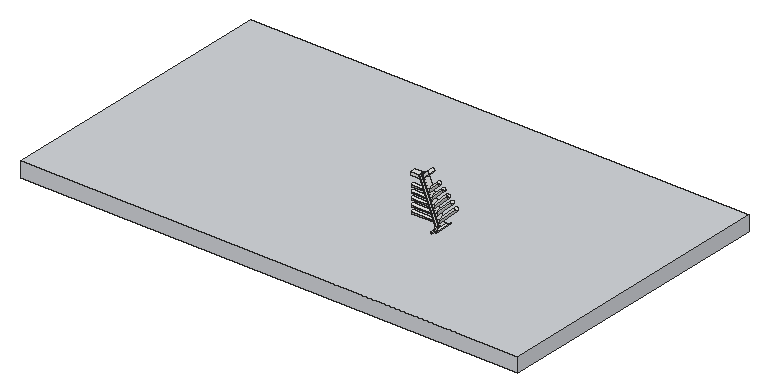
Revit family "Sunshade-Corner-Kawneer-Curtain_Wall-Inside_135", category Specialty Equipment, host Face, Revit 2015
Parameters
  Width of Blades 2 [instance] = 0' - 0"
  Width of Blades 1 [instance] = 0' - 0"
  URL = "http://www.kawneer.com/kawneer/north_america/en/home.asp"
  Type Comments = ""
  Set 1 Inset = 0' - 3"
  Right Fascia Offset = 1' - 3 1/2"
  Product data url = "https://bimobject.com/kawneerna/product/04305"
  Product Page URL = "http://www.kawneer.com/kawneer/north_america/en/product.asp?cat_id=1463&prod_id=4305"
  Product Documentation Link = "http://www.kawneer.com/kawneer/north_america/catalog/pdf/Sun_Control/Versoleil_OutriggerCW_Flyer.pdf"
  Outrigger Type = Outrigger-Kawneer-Angle-Square : 5"
  Model = "Sunshade Inside 135 Degree Corner"  # constant formula
  Manufacturer = "Kawneer "  # constant formula
  Set 2 Inset = 0' - 0 3/4"
  Length = 3' - 0"
  Height of Bottom Fascia = Length  # 3' - 0"
  Height of Blade 1 = 0' - 5"
  Has 6th Blade = no
  Has 5th Blade = yes
  Finish = Aluminum - Kawneer - Clear
  Fascia Type = Fascia-Kawneer-Inside_135_Angle_Cut-Rectangular : Versoleil
  Distance Blade 5 and 6 = 0' - 0"
  Distance Blade 4 and 5 = 0' - 0"
  Distance Blade 3 and 4 = 0' - 0"
  Distance Blade 2 and 3 = 0' - 0"
  Distance Blade 1 and 2 = 0' - 0"
  Description = "Rounded Outrigger, Bullnose Fascias"
  Default Elevation = 4' - 0"
  Copyright © = "©2012 Kawneer  "  # constant formula
  CTRL Width of Blades 2 [instance] = 1' - 0"
  CTRL Width of Blades 1 [instance] = 1' - 0"
  CTRL Outrigger Angle = 112.50°
  CTRL Length of Blade = if(and(Length = 2' 6", CTRL Angle = 135.00°), 3' 6 109/256" - 0' 0 7/8", if(and(Length = 3' 0", CTRL Angle = 135.00°), 4' 2 233/256" - 0' 0 7/8", Length - 0' 2 1/32"))  # 4' - 2 9/256"
  CTRL Fascia Location = 0' - 0"
  CTRL Angle = 135.00°
  Bottom Fascia Offset = 1' - 2"
  Blade Type = Blade-Kawneer-135_Angle_Cut-Circular : Versoleil
  Blade Distance = 0' - 5"
  Blade 6 Location = Distance Blade 1 and 2  # 0' - 0"
  Blade 5 Location = Distance Blade 2 and 3  # 0' - 0"
  Blade 4 Location = Distance Blade 3 and 4  # 0' - 0"
  Blade 3 Location = Distance Blade 4 and 5  # 0' - 0"
  Blade 2 Location = Distance Blade 5 and 6  # 0' - 0"
  Blade 1 Location = Distance Blade 5 and 6  # 0' - 0"
  Angle Offset = 0' - 2"
  Blade Cut Angle = 67.50°
Reference planes (in)
  plane 1 "Center (Front/Back)": y = 0
  plane 2: z = -0.78125
  plane 3 "Center (Left/Right)": x = 4.08897
  plane 4 "Bracket Bottom": z = -0.78125
  plane 5 "Outrigger 2 CTRL Refferance": x = 4.08897
  plane 6 "Back of Right Blades": x = -19.41103
  plane 7 "Blade 1": z = 4.375
  plane 8 "Blade 2": z = 9.375
  plane 9 "Top": z = 35.21875
  plane 10 "Blade 3": z = 14.375
  plane 11 "Blade 4": z = 19.375
  plane 12 "Blade 5": z = 24.375
  plane 13 "Outrigger offset": x = 2.00289
  plane 14 "Left of Right Blade 1": x = 1.08897
  plane 15 "Left of Right Blade 2": x = -0.91103
  plane 16 "Left of Right Blade 3": x = -2.91103
  plane 17 "Left of Right Blade 4": x = -4.91103
  plane 18 "Right of Fascias": x = 3.59664
  plane 19 "Two": x = 5.37789
  plane 20 "Top of Fascia 2": z = 35.21875
  plane 21 "Left of Right Blade 5": x = -6.91103
  plane 22 "Blade 6": z = 29.375
  plane 23 "Left of Right Blade 6": x = -8.91103
  plane 24 "Center Left / Right Blade 1": y = 0
  plane 25 "Center Left / Right Blade 2": y = 0
  plane 26 "Center Left / Right Blade 3": y = 0
  plane 27 "Center Left / Right Blade 4": y = 0
  plane 28 "Center Left / Right Blade 5": y = 0
  plane 29 "Center Left / Right Blade 6": y = 0
  plane 30 "Center Fascia": y = 0
  plane 31 "Right of Outrigger 2": z = 2.125
  plane 32 "Right of Outrigger 1": x = 2.47164
  plane 33 "Right of Fascia": x = -11.41103
  plane 34 "Bottom of Outrigger 2": through (6.45519, -51.46975, 1.5773) normal (0.7071, 0, -0.7071)
  plane 35 "Left of Blade 2": through (75.89442, -51.46975, -69.70679) normal (0.7071, 0, 0.7071)
  plane 36 "Center of Bottom Blade 1": through (-69.91234, -51.46975, -67.71917) normal (0.7071, 0, -0.7071)
  plane 37 "Center of Bottom Blade  2": through (-80.03634, -51.46975, -70.77209) normal (0.7071, 0, -0.7071)
  plane 38 "Center of Bottom Blade  3": through (-83.57187, -51.46975, -67.23656) normal (0.7071, 0, -0.7071)
  plane 39 "Center of Bottom Blade  4": through (-96.99009, -51.46975, -73.58371) normal (0.7071, 0, -0.7071)
  plane 40 "Center of Bottom Blade  6": through (-109.21824, -51.46975, -71.66973) normal (0.7071, 0, -0.7071)
  plane 41 "Center of Bottom Blade 5": through (-114.68271, -51.46975, -84.20526) normal (0.7071, 0, -0.7071)
  plane 42 "Top of Bottom Fascia": through (-145.03271, -51.46975, -98.99891) normal (0.7071, 0, -0.7071)
  plane 43 "Left of Angle Outrigger": through (-15.87502, -51.46975, 50.74193) normal (0.9239, 0, 0.3827)
  plane 44 "Top of  Bottom Blade 1": through (44.40617, -51.46975, -37.15788) normal (0.7071, 0, 0.7071)
  plane 45 "Top of  Bottom Blade  2": through (59.70907, -51.46975, -49.63236) normal (0.7071, 0, 0.7071)
  plane 46 "Top of  Bottom Blade 3": through (64.79203, -51.46975, -51.88689) normal (0.7071, 0, 0.7071)
  plane 47 "Top of  Bottom Blade  4": through (65.98252, -51.46975, -50.24895) normal (0.7071, 0, 0.7071)
  plane 48 "Top of  Bottom Blade 5": through (79.98416, -51.46975, -61.42216) normal (0.7071, 0, 0.7071)
  plane 49 "Top of  Bottom Blade 6": through (92.97925, -51.46975, -71.58882) normal (0.7071, 0, 0.7071)
  plane 50 "Offset Bottom Fascia": through (85.74348, -51.46975, -59.75686) normal (0.7071, 0, 0.7071)
  plane 51 "Back of Blade Bottom  Set 2": through (100.40387, -51.46975, -64.1642) normal (0.7071, 0, 0.7071)
  plane 52 "0": z = -0.625
  plane 53: through (5.90276, -51.46975, 2.12973) normal (0.7071, 0, -0.7071)
  plane 54 "Width of Blade 2": through (100.40387, -51.46975, -64.1642) normal (0.7071, 0, 0.7071)
  plane 55 "Width of Blade 1": x = -19.41103
Forms (in)
  Extrusion 1, solid
    sketch origin (0, 0, -0.78125) x (1, 0, 0) y (0, 1, 0)
      loop
        line (-264.69228, 139) -> (-264.69228, -98.99326) -> (146.76306, -98.99326) -> (146.76306, 139) -> (-264.69228, 139)
    from 0 to -12
Dimensions and locks (in)
  plane 3 "Center (Left/Right)" to plane 19 "Two" = 0' - 1.28892"
  "Length": plane 9 "Top" to plane 2
  "Blade 1 Location": plane 24 "Center Left / Right Blade 1" to plane 1 "Center (Front/Back)"
  "CTRL Fascia Location": plane 30 "Center Fascia" to plane 1 "Center (Front/Back)"
  "Blade 6 Location": plane 29 "Center Left / Right Blade 6" to plane 1 "Center (Front/Back)"
  "Blade 5 Location": plane 28 "Center Left / Right Blade 5" to plane 1 "Center (Front/Back)"
  "Blade 4 Location": plane 27 "Center Left / Right Blade 4" to plane 1 "Center (Front/Back)"
  "Blade 3 Location": plane 26 "Center Left / Right Blade 3" to plane 1 "Center (Front/Back)"
  "Blade 2 Location": plane 25 "Center Left / Right Blade 2" to plane 1 "Center (Front/Back)"
  plane 32 "Right of Outrigger 1" to plane 19 "Two" = 0' - 2 29/32"
  plane 13 "Outrigger offset" to plane 32 "Right of Outrigger 1" = 0' - 0 15/32"
  locked: plane 31 "Right of Outrigger 2" to plane 4 "Bracket Bottom" at 2.90625
  "Blade Distance": plane 8 "Blade 2" to plane 7 "Blade 1"
  "Blade Distance": plane 10 "Blade 3" to plane 8 "Blade 2"
  "Blade Distance": plane 11 "Blade 4" to plane 10 "Blade 3"
  "Blade Distance": plane 12 "Blade 5" to plane 11 "Blade 4"
  "Blade Distance": plane 22 "Blade 6" to plane 12 "Blade 5"
  "Angle Offset": plane 23 "Left of Right Blade 6" to plane 21 "Left of Right Blade 5"
  "Angle Offset": plane 21 "Left of Right Blade 5" to plane 17 "Left of Right Blade 4"
  "Angle Offset": plane 17 "Left of Right Blade 4" to plane 16 "Left of Right Blade 3"
  "Angle Offset": plane 16 "Left of Right Blade 3" to plane 15 "Left of Right Blade 2"
  "Angle Offset": plane 15 "Left of Right Blade 2" to plane 14 "Left of Right Blade 1"
  "Set 1 Inset": plane 14 "Left of Right Blade 1" to plane 3 "Center (Left/Right)"
  "Right Fascia Offset": plane 33 "Right of Fascia" to plane 3 "Center (Left/Right)"
  locked: plane 32 "Right of Outrigger 1" to plane 18 "Right of Fascias" at 1.125
  locked: plane 35 "Left of Blade 2" to plane 19 "Two" at 1.125
  "Blade Distance": plane 36 "Center of Bottom Blade 1" to plane 37 "Center of Bottom Blade  2"
  "Blade Distance": plane 37 "Center of Bottom Blade  2" to plane 38 "Center of Bottom Blade  3"
  "Blade Distance": plane 38 "Center of Bottom Blade  3" to plane 39 "Center of Bottom Blade  4"
  "Blade Distance": plane 39 "Center of Bottom Blade  4" to plane 41 "Center of Bottom Blade 5"
  "Blade Distance": plane 41 "Center of Bottom Blade 5" to plane 40 "Center of Bottom Blade  6"
  "Length": plane 34 "Bottom of Outrigger 2" to plane 42 "Top of Bottom Fascia"
  "Angle Offset": plane 45 "Top of  Bottom Blade  2" to plane 44 "Top of  Bottom Blade 1"
  "Angle Offset": plane 46 "Top of  Bottom Blade 3" to plane 45 "Top of  Bottom Blade  2"
  "Angle Offset": plane 47 "Top of  Bottom Blade  4" to plane 46 "Top of  Bottom Blade 3"
  "Angle Offset": plane 48 "Top of  Bottom Blade 5" to plane 47 "Top of  Bottom Blade  4"
  "Angle Offset": plane 49 "Top of  Bottom Blade 6" to plane 48 "Top of  Bottom Blade 5"
  "Bottom Fascia Offset": plane 50 "Offset Bottom Fascia" to plane 35 "Left of Blade 2"
  "Set 2 Inset": plane 44 "Top of  Bottom Blade 1" to plane 35 "Left of Blade 2"
  locked: plane 32 "Right of Outrigger 1" to plane 35 "Left of Blade 2" at 3.06112
  locked: plane 52 "0" to level at 0.15625
  "Blade Distance": plane 7 "Blade 1" to plane 52 "0"
  locked: plane 34 "Bottom of Outrigger 2" to plane 53 at 0.78125
  "Height of Blade 1": plane 34 "Bottom of Outrigger 2" to plane 36 "Center of Bottom Blade 1"
  "Width of Blades 2": plane 54 "Width of Blade 2" to plane 51 "Back of Blade Bottom  Set 2"
  "Width of Blades 1": plane 55 "Width of Blade 1" to plane 6 "Back of Right Blades"
  locked: plane 6 "Back of Right Blades" to plane 19 "Two" at 24.78892
  locked: plane 51 "Back of Blade Bottom  Set 2" to plane 44 "Top of  Bottom Blade 1" at 20.5
  plane 34 "Bottom of Outrigger 2" to plane 53 = 0' - 0 25/32"
  aligned and locked: Extrusion 1 to plane 2
  aligned: level to Extrusion 1
  aligned: plane 1 "Center (Front/Back)" to nested 1
  aligned: plane 14 "Left of Right Blade 1" to nested 1  (x3)
  aligned: plane 15 "Left of Right Blade 2" to nested 2  (x2)
  aligned: plane 16 "Left of Right Blade 3" to nested 3  (x2)
  aligned: plane 17 "Left of Right Blade 4" to nested 4  (x2)
  aligned: nested 1 to plane 6 "Back of Right Blades"
  aligned: nested 2 to plane 6 "Back of Right Blades"
  aligned: nested 3 to plane 6 "Back of Right Blades"
  aligned: nested 4 to plane 6 "Back of Right Blades"
  aligned: nested 5 to plane 6 "Back of Right Blades"
  aligned: plane 21 "Left of Right Blade 5" to nested 5
  aligned: plane 22 "Blade 6" to nested 6
  aligned: plane 23 "Left of Right Blade 6" to nested 6
  aligned: nested 6 to plane 6 "Back of Right Blades"
  aligned: plane 24 "Center Left / Right Blade 1" to nested 1
  aligned: plane 25 "Center Left / Right Blade 2" to nested 2
  aligned: plane 27 "Center Left / Right Blade 4" to nested 4
  aligned: plane 28 "Center Left / Right Blade 5" to nested 5
  aligned: plane 29 "Center Left / Right Blade 6" to nested 6
  aligned: nested 2 to plane 25 "Center Left / Right Blade 2"
  aligned: plane 26 "Center Left / Right Blade 3" to nested 3
  aligned: nested 4 to plane 27 "Center Left / Right Blade 4"
  aligned and locked: nested 7 to plane 13 "Outrigger offset"
  aligned and locked: nested 1 to plane 7 "Blade 1"
  aligned and locked: nested 2 to plane 8 "Blade 2"
  aligned and locked: nested 3 to plane 10 "Blade 3"
  aligned and locked: nested 4 to plane 11 "Blade 4"
  aligned and locked: nested 5 to plane 12 "Blade 5"
  aligned and locked: nested 6 to plane 22 "Blade 6"
  aligned and locked: nested 2 to plane 15 "Left of Right Blade 2"
  aligned and locked: nested 3 to plane 16 "Left of Right Blade 3"
  aligned and locked: nested 4 to plane 17 "Left of Right Blade 4"
  aligned and locked: nested 5 to plane 21 "Left of Right Blade 5"
  aligned and locked: nested 6 to plane 23 "Left of Right Blade 6"
  aligned: plane 6 "Back of Right Blades" to nested 6
  aligned: plane 6 "Back of Right Blades" to nested 5
  aligned: plane 6 "Back of Right Blades" to nested 4
  aligned: plane 6 "Back of Right Blades" to nested 3
  aligned: plane 6 "Back of Right Blades" to nested 2
  aligned: plane 6 "Back of Right Blades" to nested 1
  aligned and locked: plane 5 "Outrigger 2 CTRL Refferance" to plane 3 "Center (Left/Right)"
  aligned and locked: plane 32 "Right of Outrigger 1" to nested 7
  aligned and locked: nested 1 to plane 14 "Left of Right Blade 1"
  aligned and locked: plane 1 "Center (Front/Back)" to nested 7
  aligned and locked: plane 24 "Center Left / Right Blade 1" to nested 1
  aligned and locked: plane 25 "Center Left / Right Blade 2" to nested 2
  aligned and locked: plane 26 "Center Left / Right Blade 3" to nested 3
  aligned and locked: plane 27 "Center Left / Right Blade 4" to nested 4
  aligned and locked: plane 28 "Center Left / Right Blade 5" to nested 5
  aligned and locked: plane 29 "Center Left / Right Blade 6" to nested 6
  aligned and locked: plane 20 "Top of Fascia 2" to plane 9 "Top"
  aligned: plane 42 "Top of Bottom Fascia" to nested 8
  aligned and locked: plane 50 "Offset Bottom Fascia" to nested 8
  aligned and locked: nested 8 to plane 42 "Top of Bottom Fascia"
  aligned: plane 51 "Back of Blade Bottom  Set 2" to nested 8
  aligned: plane 1 "Center (Front/Back)" to nested 8
  aligned and locked: nested 9 to plane 29 "Center Left / Right Blade 6"
  aligned and locked: nested 10 to plane 28 "Center Left / Right Blade 5"
  aligned and locked: nested 11 to plane 27 "Center Left / Right Blade 4"
  aligned and locked: nested 12 to plane 26 "Center Left / Right Blade 3"
  aligned and locked: nested 13 to plane 25 "Center Left / Right Blade 2"
  aligned and locked: nested 14 to plane 24 "Center Left / Right Blade 1"
  aligned: nested 9 to plane 42 "Top of Bottom Fascia"
  aligned and locked: nested 10 to plane 41 "Center of Bottom Blade 5"
  aligned and locked: nested 11 to plane 39 "Center of Bottom Blade  4"
  aligned and locked: nested 13 to plane 37 "Center of Bottom Blade  2"
  aligned and locked: nested 14 to plane 36 "Center of Bottom Blade 1"
  aligned: nested 14 to plane 51 "Back of Blade Bottom  Set 2"  (x2)
  aligned: nested 13 to plane 51 "Back of Blade Bottom  Set 2"  (x2)
  aligned: nested 12 to plane 51 "Back of Blade Bottom  Set 2"  (x2)
  aligned: nested 11 to plane 51 "Back of Blade Bottom  Set 2"  (x2)
  aligned: nested 10 to plane 51 "Back of Blade Bottom  Set 2"  (x2)
  aligned: plane 51 "Back of Blade Bottom  Set 2" to nested 10
  aligned: nested 9 to plane 51 "Back of Blade Bottom  Set 2"  (x2)
  aligned and locked: plane 44 "Top of  Bottom Blade 1" to nested 14
  aligned and locked: plane 45 "Top of  Bottom Blade  2" to nested 13
  aligned and locked: plane 46 "Top of  Bottom Blade 3" to nested 12
  aligned and locked: plane 47 "Top of  Bottom Blade  4" to nested 11
  aligned and locked: plane 48 "Top of  Bottom Blade 5" to nested 10
  aligned and locked: plane 49 "Top of  Bottom Blade 6" to nested 9
  aligned and locked: nested 9 to plane 40 "Center of Bottom Blade  6"
  aligned and locked: nested 12 to plane 38 "Center of Bottom Blade  3"
  aligned and locked: nested 15 to plane 1 "Center (Front/Back)"
  aligned and locked: plane 34 "Bottom of Outrigger 2" to nested 15
  aligned: plane 35 "Left of Blade 2" to nested 15
  aligned: plane 30 "Center Fascia" to nested 8  (x2)
  aligned: nested 8 to plane 30 "Center Fascia"
  aligned and locked: plane 30 "Center Fascia" to nested 8
  aligned: plane 4 "Bracket Bottom" to nested 7  (x2)
  aligned and locked: level to plane 4 "Bracket Bottom"
  aligned and locked: plane 55 "Width of Blade 1" to nested 6
  aligned and locked: plane 55 "Width of Blade 1" to nested 5
  aligned and locked: plane 55 "Width of Blade 1" to nested 4
  aligned and locked: plane 55 "Width of Blade 1" to nested 3
  aligned and locked: plane 55 "Width of Blade 1" to nested 2
  aligned and locked: plane 55 "Width of Blade 1" to nested 1
  aligned and locked: plane 54 "Width of Blade 2" to nested 8
  aligned and locked: nested 9 to plane 54 "Width of Blade 2"
  aligned and locked: nested 10 to plane 54 "Width of Blade 2"
  aligned and locked: nested 11 to plane 54 "Width of Blade 2"
  aligned and locked: nested 12 to plane 54 "Width of Blade 2"
  aligned and locked: nested 13 to plane 54 "Width of Blade 2"
  aligned and locked: nested 14 to plane 54 "Width of Blade 2"
  aligned and locked: nested 16 to plane 20 "Top of Fascia 2"
  aligned and locked: plane 33 "Right of Fascia" to nested 16
  aligned and locked: nested 16 to plane 55 "Width of Blade 1"
  aligned and locked: nested 16 to plane 30 "Center Fascia"
Automatic sketch dimensions
  Extrusion 1 sketch curve to Extrusion 1 sketch curve = 34' - 3.45534"
  Extrusion 1 sketch curve to Extrusion 1 sketch curve = 19' - 9.99326"
Nested families (in)
  nested 1: "Blade-Kawneer-135_Angle_Cut-Circular" at (-70.91103, 0, 5.875) x (-1, 0, 0) z (0, 0, -1), Blade Materials <- "Finish", type <- "Blade Type", Void Angle <- "Blade Cut Angle", type "Versoleil"
    with Void Angle 67.50°, CTRL Width 1' - 8 1/2", Blade Materials Aluminum - Kawneer - Clear
  nested 2: "Blade-Kawneer-135_Angle_Cut-Circular" at (-72.91103, 0, 10.875) x (-1, 0, 0) z (0, 0, -1), Blade Materials <- "Finish", type <- "Blade Type", Void Angle <- "Blade Cut Angle", type "Versoleil"
    with Void Angle 67.50°, CTRL Width 1' - 6 1/2", Blade Materials Aluminum - Kawneer - Clear
  nested 3: "Blade-Kawneer-135_Angle_Cut-Circular" at (-74.91103, 0, 15.875) x (-1, 0, 0) z (0, 0, -1), Blade Materials <- "Finish", type <- "Blade Type", Void Angle <- "Blade Cut Angle", type "Versoleil"
    with Void Angle 67.50°, CTRL Width 1' - 4 1/2", Blade Materials Aluminum - Kawneer - Clear
  nested 4: "Blade-Kawneer-135_Angle_Cut-Circular" at (-76.91103, 0, 20.875) x (-1, 0, 0) z (0, 0, -1), Blade Materials <- "Finish", type <- "Blade Type", Void Angle <- "Blade Cut Angle", type "Versoleil"
    with Void Angle 67.50°, CTRL Width 1' - 2 1/2", Blade Materials Aluminum - Kawneer - Clear
  nested 5: "Blade-Kawneer-135_Angle_Cut-Circular" at (-78.91103, 0, 25.875) x (-1, 0, 0) z (0, 0, -1), visible <- "Has 5th Blade", Blade Materials <- "Finish", type <- "Blade Type", Void Angle <- "Blade Cut Angle", type "Versoleil"
    with Void Angle 67.50°, CTRL Width 1' - 0 1/2", Blade Materials Aluminum - Kawneer - Clear
  nested 6: "Blade-Kawneer-135_Angle_Cut-Circular" at (-80.91103, 0, 30.875) x (-1, 0, 0) z (0, 0, -1), visible <- "Has 6th Blade", Blade Materials <- "Finish", type <- "Blade Type", type "Versoleil"
    with Void Angle 67.50°, CTRL Width 0' - 10 1/2", Blade Materials Aluminum - Kawneer - Clear
  nested 7: "Outrigger-Kawneer-Angle-Square" at (2.00289, 0, -0.78125), type <- "Outrigger Type", Outrigger Angle <- "CTRL Outrigger Angle", type "5""
    with Outrigger Length 3' - 0.76751", Outrigger Angle 112.50°, CTRL Blade Offset 1' - 1.7766", CTRL Angle 67.50°, Angle 112.50°
  nested 8: "Fascia-Kawneer-Inside_135_Angle_Cut-Rectangular" at (42.65714, 0, 85.15285) x (0.7071, 0, 0.7071) z (-0.7071, 0, 0.7071), type <- "Fascia Type", Fascias Materials <- "Finish", type "Versoleil"
    with Fascias Materials Aluminum - Kawneer - Clear, CTRL Width 0' - 7 1/4"
  nested 9: "Blade-Kawneer-135_Angle_Cut-Circular" at (41.77198, 0, 81.44182) x (0.7071, 0, 0.7071) z (0.7071, 0, -0.7071), type <- "Blade Type", visible <- "Has 6th Blade", Blade Materials <- "Finish", type "Versoleil"
    with Void Angle 67.50°, CTRL Width 0' - 10 1/2", Blade Materials Aluminum - Kawneer - Clear
  nested 10: "Blade-Kawneer-135_Angle_Cut-Circular" at (43.8933, 0, 76.49207) x (0.7071, 0, 0.7071) z (0.7071, 0, -0.7071), type <- "Blade Type", visible <- "Has 5th Blade", Void Angle <- "Blade Cut Angle", Blade Materials <- "Finish", type "Versoleil"
    with Void Angle 67.50°, CTRL Width 1' - 0 1/2", Blade Materials Aluminum - Kawneer - Clear
  nested 11: "Blade-Kawneer-135_Angle_Cut-Circular" at (46.01462, 0, 71.54232) x (0.7071, 0, 0.7071) z (0.7071, 0, -0.7071), type <- "Blade Type", Void Angle <- "Blade Cut Angle", Blade Materials <- "Finish", type "Versoleil"
    with Void Angle 67.50°, CTRL Width 1' - 2 1/2", Blade Materials Aluminum - Kawneer - Clear
  nested 12: "Blade-Kawneer-135_Angle_Cut-Circular" at (48.13594, 0, 66.59258) x (0.7071, 0, 0.7071) z (0.7071, 0, -0.7071), type <- "Blade Type", Void Angle <- "Blade Cut Angle", Blade Materials <- "Finish", type "Versoleil"
    with Void Angle 67.50°, CTRL Width 1' - 4 1/2", Blade Materials Aluminum - Kawneer - Clear
  nested 13: "Blade-Kawneer-135_Angle_Cut-Circular" at (50.25726, 0, 61.64283) x (0.7071, 0, 0.7071) z (0.7071, 0, -0.7071), type <- "Blade Type", Void Angle <- "Blade Cut Angle", Blade Materials <- "Finish", type "Versoleil"
    with Void Angle 67.50°, CTRL Width 1' - 6 1/2", Blade Materials Aluminum - Kawneer - Clear
  nested 14: "Blade-Kawneer-135_Angle_Cut-Circular" at (52.37858, 0, 56.69308) x (0.7071, 0, 0.7071) z (0.7071, 0, -0.7071), type <- "Blade Type", Void Angle <- "Blade Cut Angle", Blade Materials <- "Finish", type "Versoleil"
    with Void Angle 67.50°, CTRL Width 1' - 8 1/2", Blade Materials Aluminum - Kawneer - Clear
  nested 15: "Outrigger-Kawneer-Angle-Square" at (5.86422, 0, 0.98633) x (-0.7071, 0, -0.7071) z (-0.7071, 0, 0.7071), type <- "Outrigger Type", Outrigger Angle <- "CTRL Outrigger Angle", type "5""
    with Outrigger Length 3' - 0.76751", Outrigger Angle 112.50°, CTRL Blade Offset 1' - 1.7766", CTRL Angle 67.50°, Angle 112.50°
  nested 16: "Fascia-Kawneer-Inside_135_Angle_Cut-Rectangular" at (-83.41103, 0, 32.71694) x (-1, 0, 0) z (0, 0, 1), Fascias Materials <- "Finish", type <- "Fascia Type", type "Versoleil"
    with Fascias Materials Aluminum - Kawneer - Clear, CTRL Width 0' - 8"
Definition of nested family "Blade-Kawneer-135_Angle_Cut-Circular"
  Parameters
    Void Offset = 3' - 0"
    Void Angle [instance] = 67.50°
    Default Elevation = 4' - 0"
    CTRL Width [instance] = 12' - 0"
    Blade Materials [instance] = none
    Assembly Code = ""
  Reference planes (in)
    plane 1 "Center (Front/Back)": y = 0
    plane 2 "Original Bottom": z = 0
    plane 3 "Center (Left/Right)": x = 0
    plane 4 "Left": x = -72
    plane 5 "Right": x = 72
    plane 6 "Front": y = -1.29687
    plane 7 "Back": y = 1.29687
    plane 8 "Top": z = 3
    plane 9 "Bottom": z = 1.5
    plane 10 "Void Angle": x = -69
    plane 11 "Top Offset Of Void": z = 3.03125
    plane 12 "Top offset of void": z = -0.03125
    plane 13 "Left Offset of Void": x = -72.03125
    plane 14 "Left Offset of Right": x = -68.96875
    plane 15 "Front Offset of Void": y = 1.32812
    plane 16 "Back Offset of Void": y = -1.32812
  Forms (in)
    Sweep 1, solid, material <- "Blade Materials", detail levels medium+fine
      path origin (10, 0, -1.63267) x (1, 0, 0) y (0, 0, 1)
        loop
          line (62, 8.91333) -> (-82, 8.91333)
      profile origin (0, 0, 7.28066) x (0, 0, -1) y (0, -1, 0)
        loop
          circle (6.01729, -0.01411) r 1.25
    Extrusion 2, void
      sketch origin (0, 0, 0) x (1, 0, 0) y (0, 0, 1)
        loop
          line (-72.03125, 3.07544) -> (-72.03125, -0.03125) -> (-70.74442, -0.03125) -> (-72.03125, 3.07544)
      from -1.32812 to 1.32812
  Cuts and joins
    Extrusion 2 cuts Sweep 1
  Lines and regions (in)
    Masking region 1
      outline origin (0, 0, 0) x (0, 1, 0) y (0, 0, 1)
        loop
          circle (0, 1.5) r 1.26407
    Masking region 2
      outline origin (0, 0, 0) x (1, 0, 0) y (0, 1, 0)
        loop
          line (72, 1.32812) -> (-72.03125, 1.32812) -> (-72.03125, -1.32812) -> (72, -1.32812) -> (72, 1.32812)
    Masking region 3
      outline origin (0, 0, 0) x (1, 0, 0) y (0, 0, 1)
        loop
          line (72, 3.03125) -> (-72.01294, 3.03125) -> (-70.74442, -0.03125) -> (72, -0.03125) -> (72, 3.03125)
    symbolic lines
      curve 1: circle (0, 0, 1.5) r 1.26407 normal (1, 0, 0)
      curve 2: arc (0, 1.26411, 1.26337) -> (0, 0.01411, 2.51337) -> (0, -1.23589, 1.26337) r 1.25
      curve 3: arc (0, -1.23589, 1.26337) -> (0, 0.01411, 0.01337) -> (0, 1.26411, 1.26337) r 1.25
      curve 6: line (-70.31469, -1.32812, 3) -> (60, -1.32812, 3)
      curve 7: line (72, 1.32812, 3) -> (-70.31469, 1.32812, 3)
      curve 8: line (-72, 0, 0) -> (72, 0, 0)
      curve 9: spline (-70.31469, 1.32812, 3) -> (-70.63822, 1.28287, 3) -> (-70.93969, 1.15019, 3) -> (-71.19858, 0.93913, 3) -> (-71.39722, 0.66406, 3) -> (-71.5221, 0.34374, 3) -> (-71.56469, 0, 3) -> (-71.5221, -0.34374, 3) -> (-71.39722, -0.66406, 3) -> (-71.19858, -0.93913, 3) -> (-70.93969, -1.15019, 3) -> (-70.63822, -1.28287, 3) -> (-70.31469, -1.32812, 3)
      curve 10: line (72, -1.29687, 3.03125) -> (-72.01294, -1.29687, 3.03125)
      curve 11: line (72, -1.29687, -0.03125) -> (72, -1.29687, 3.03125)
      curve 12: line (-70.74442, -1.29687, -0.03125) -> (72, -1.29687, -0.03125)
      curve 13: line (-72.01294, -1.29687, 3.03125) -> (-70.74442, -1.29687, -0.03125)
    model lines, detail levels coarse
      curve 4: line (-72, 0, 1.5) -> (72, 0, 1.5)
    reference lines
      curve 5: line (-70.74442, 0, -0.03125) -> (-72, 0, 3)
  Dimensions and locks (in)
    "CTRL Width": plane 4 "Left" to plane 5 "Right"
    equal spacing: plane 6 "Front", plane 1 "Center (Front/Back)", plane 7 "Back"
    equal spacing: plane 8 "Top", plane 9 "Bottom", plane 2 "Original Bottom"
    plane 4 "Left" to plane 10 "Void Angle" = 0' - 3"
    plane 8 "Top" to plane 2 "Original Bottom" = 0' - 3"
    plane 13 "Left Offset of Void" to plane 4 "Left" = 0' - 0 1/32"
    plane 10 "Void Angle" to plane 14 "Left Offset of Right" = 0' - 0 1/32"
    plane 2 "Original Bottom" to plane 12 "Top offset of void" = 0' - 0 1/32"
    plane 11 "Top Offset Of Void" to plane 8 "Top" = 0' - 0 1/32"
    plane 16 "Back Offset of Void" to plane 6 "Front" = 0' - 0 1/32"
    plane 7 "Back" to plane 15 "Front Offset of Void" = 0' - 0 1/32"
    "Void Angle": angle curve 5 to plane 2 "Original Bottom"
    "Void Angle": angle Extrusion 2 sketch curve to plane 12 "Top offset of void"
    aligned and locked: plane 4 "Left" to Sweep 1 sketch curve
    aligned and locked: plane 5 "Right" to Sweep 1 sketch curve
    aligned: Sweep 1 to plane 2 "Original Bottom"
    aligned: plane 8 "Top" to Sweep 1
    aligned: plane 6 "Front" to Sweep 1
    aligned: plane 7 "Back" to Sweep 1
    aligned and locked: plane 1 "Center (Front/Back)" to Masking region 1 sketch curve
    aligned and locked: plane 9 "Bottom" to Masking region 1 sketch curve
    aligned and locked: plane 1 "Center (Front/Back)" to curve 1
    aligned and locked: plane 9 "Bottom" to curve 1
    aligned and locked: curve 2 to Sweep 1
    aligned and locked: curve 3 to Sweep 1
    aligned and locked: plane 1 "Center (Front/Back)" to curve 4
    aligned and locked: plane 4 "Left" to curve 5
    aligned: Extrusion 2 to plane 15 "Front Offset of Void"
    aligned: plane 16 "Back Offset of Void" to Extrusion 2
    aligned and locked: plane 5 "Right" to Masking region 2 sketch curve
    aligned and locked: Masking region 2 sketch curve to plane 16 "Back Offset of Void"
    aligned and locked: Masking region 2 sketch curve to plane 15 "Front Offset of Void"
    aligned and locked: plane 13 "Left Offset of Void" to Masking region 2 sketch curve
    aligned and locked: Masking region 3 sketch curve to plane 11 "Top Offset Of Void"
    aligned and locked: plane 5 "Right" to Masking region 3 sketch curve
    aligned and locked: Masking region 3 sketch curve to plane 12 "Top offset of void"
    aligned and locked: plane 5 "Right" to curve 11
    aligned and locked: curve 10 to plane 11 "Top Offset Of Void"
    aligned and locked: curve 12 to plane 12 "Top offset of void"
    aligned and locked: plane 8 "Top" to curve 5
    aligned and locked: plane 12 "Top offset of void" to Extrusion 2 sketch curve
    aligned and locked: Extrusion 2 sketch curve to plane 13 "Left Offset of Void"
  Automatic sketch dimensions
    level to Sweep 1 sketch curve = 0' - 7.28066"
    Sweep 1 sketch curve to profile plane = 0' - 6.01729"
    Sweep 1 sketch curve to plane 1 "Center (Front/Back)" = 0' - 0.01411"
    Sweep 1 sketch curve to Sweep 1 sketch curve = 0' - 1 1/4"
    curve 4 to plane 5 "Right" = 0' - 0"
    curve 4 to plane 4 "Left" = 0' - 0"
    plane 1 "Center (Front/Back)" to curve 8 = 0' - 0"
    curve 8 to plane 4 "Left" = 0' - 0"
    curve 8 to plane 5 "Right" = 0' - 0"
    curve 7 to plane 5 "Right" = 0' - 0"
    plane 16 "Back Offset of Void" to curve 6 = 0' - 0"
    curve 9 to plane 15 "Front Offset of Void" = 0' - 0"
    curve 6 to plane 5 "Right" = 1' - 0"
    plane 10 "Void Angle" to curve 9 = 0' - 1.31469"
    plane 14 "Left Offset of Right" to Masking region 3 sketch curve = 0' - 1.77567"
    plane 10 "Void Angle" to Masking region 3 sketch curve = 0' - 3.01294"
    curve 10 to plane 13 "Left Offset of Void" = 0' - 0.01831"
    curve 12 to plane 4 "Left" = 0' - 1.25558"
    Extrusion 2 sketch curve to plane 4 "Left" = 0' - 1.25558"
    radius of Masking region 1 sketch curve = 0' - 1.26407"
    radius of curve 1 = 0' - 1.26407"
Definition of nested family "Outrigger-Kawneer-Angle-Square"
  Parameters
    Thickness = 0' - 1 3/32"
    Outrigger Width = 0' - 5"
    Length = 3' - 0"
    Default Elevation = 4' - 0"
    Outrigger Length [instance] = CTRL Length / sin(CTRL Angle)  # 4' - 0 5/128"
    CTRL Width = 0' - 0 15/16"
    Outrigger Materials = none
    CTRL Length = Length - 0' 2 1/32"  # 2' - 9 31/32"
    CTRL Blade Offset [instance] = cos(CTRL Angle) * Length  # 2' - 1.45584"
    CTRL Angle [instance] = if(Angle > 90.00°, 180.00° - Angle, Angle)  # 45.00°
    Outrigger Angle [instance] = 90.00°
    Angle = 45.00°
  Reference planes (in)
    plane 1 "Center (Front/Back)": y = 0
    plane 2 "Original Bottom": z = 0
    plane 3 "Center (Left/Right)": x = 0
    plane 4 "Left": x = -0.46875
    plane 5 "Right": x = 0.46875
    plane 6 "Front": y = -2.5
    plane 7 "Back": y = 2.5
    plane 8 "Top": z = 36
    plane 9 "Bottom": z = 0
    plane 10 "Top of Braket": z = 2.9
    plane 11 "Right of Braket": y = 7.53105
    plane 12 "Left of Bracket": y = -7.53105
    plane 13 "Right of Left Bracket": x = -0.21875
    plane 14 "Left of Right Bracket": x = 0.21875
    plane 15 "CTRL Height": z = 2.025
    plane 16: x = -25.23709
  Forms (in)
    Sweep 1, solid, material <- "Outrigger Materials"
      path origin (10, 0, 3.04406) x (1, 0, 0) y (0, 0, 1)
        loop
          line (-9.37469, -1.01906) -> (-10.46875, -1.01906)
      profile origin (0.07828, 0, 2.025) x (0, 0, -1) y (0, -1, 0)
        loop
          line (-48.03907, 2.5) -> (-48.03907, -2.5) -> (0, -2.5) -> (0, 2.5) -> (-48.03907, 2.5)
    Sweep 2, solid, material <- "Outrigger Materials", detail levels fine
      path origin (0, 0, -1.03601) x (1, 0, 0) y (0, 0, 1)
        loop
          line (0.46875, 36.5) -> (-0.46875, 36.5)
      profile origin (0, 0, 35.46399) x (0, 0, -1) y (0, -1, 0)
        loop
          line (32.56399, 2.5) -> (32.56399, -2.50126) -> (34.48003, -4.78471)
          arc (34.48003, -4.78471) -> (34.65368, -5.08548) -> (34.71399, -5.4275) r 1
          line (34.71399, -5.4275) -> (34.71399, -7.53105) -> (35.46399, -7.53105) -> (35.46399, 7.46895) -> (34.71399, 7.46895) -> (34.71399, 5.3654)
          arc (34.71399, 5.3654) -> (34.65368, 5.02338) -> (34.48003, 4.72261) r 1
          line (34.48003, 4.72261) -> (32.56399, 2.5)
  Lines and regions (in)
    Masking region 1
      outline origin (0, 0, 0) x (1, 0, 0) y (0, 0, 1)
        loop
          line (-0.46875, 50.06407) -> (-0.46875, 2.025) -> (0.625, 2.025) -> (0.625, 50.06407) -> (-0.46875, 50.06407)
    Masking region 2
      outline origin (0, 2.5, 0) x (-1, 0, 0) y (0, 0, 1)
        loop
          line (-0.46875, 2.9) -> (-0.46875, 0) -> (0.46875, 0) -> (0.46875, 2.9) -> (-0.46875, 2.9)
    Masking region 3
      outline origin (0.46875, 0, 0) x (0, -1, 0) y (0, 0, 1)
        loop
          line (-2.5, 36) -> (-2.5, 2.025) -> (2.5, 2.025) -> (2.5, 36) -> (-2.5, 36)
    symbolic lines, detail levels medium+fine
      curve 1: line (-0.46875, -2.5, 2.9) -> (-0.46875, -4.72261, 0.98396)
      curve 2: arc (-0.46875, -4.72261, 0.98396) -> (-0.46875, -5.02338, 0.81031) -> (-0.46875, -5.3654, 0.75) r 1
      curve 3: line (-0.46875, -5.3654, 0.75) -> (-0.46875, -7.46895, 0.75)
      curve 4: line (-0.46875, -7.46895, 0.75) -> (-0.46875, -7.46895, 0)
      curve 6: line (-0.46875, 7.53105, 0) -> (-0.46875, 7.53105, 0.75)
      curve 7: line (-0.46875, 7.53105, 0.75) -> (-0.46875, 5.4275, 0.75)
      curve 8: arc (-0.46875, 5.4275, 0.75) -> (-0.46875, 5.08548, 0.81031) -> (-0.46875, 4.78471, 0.98396) r 1
      curve 9: line (-0.46875, 4.78471, 0.98396) -> (-0.46875, 2.5, 2.9)
      curve 17: line (0.46875, -2.5, 2.9) -> (0.46875, -4.72261, 0.98396)
      curve 18: arc (0.46875, -4.72261, 0.98396) -> (0.46875, -5.02338, 0.81031) -> (0.46875, -5.3654, 0.75) r 1
      curve 19: line (0.46875, -5.3654, 0.75) -> (0.46875, -7.46895, 0.75)
      curve 20: line (0.46875, -7.46895, 0.75) -> (0.46875, -7.46895, 0)
      curve 22: line (0.46875, 7.53105, 0) -> (0.46875, 7.53105, 0.75)
      curve 23: line (0.46875, 7.53105, 0.75) -> (0.46875, 5.4275, 0.75)
      curve 24: arc (0.46875, 5.4275, 0.75) -> (0.46875, 5.08548, 0.81031) -> (0.46875, 4.78471, 0.98396) r 1
      curve 25: line (0.46875, 4.78471, 0.98396) -> (0.46875, 2.5, 2.9)
    symbolic lines
      curve 5: line (-0.46875, -7.46895, 0) -> (-0.46875, 7.53105, 0)
      curve 21: line (0.46875, 7.53105, 0) -> (0.46875, -7.46895, 0)
    symbolic lines, detail levels fine
      curve 10: line (-0.46875, 2.5, 2.9) -> (-0.46875, -2.5, 2.9)
      curve 11: line (0.46875, -2.5, 2.9) -> (0.46875, 2.5, 2.9)
      curve 15: line (-0.19531, -2.5, 2.025) -> (-0.19531, -2.5, 50.06407)
      curve 16: line (0.35156, -2.5, 2.025) -> (0.35156, -2.5, 50.06407)
    model lines, detail levels medium
      curve 12: line (-0.46875, 7.53105, 0) -> (0.46875, 7.53105, 0)
      curve 13: line (-0.46875, -7.53105, 0) -> (0.46875, -7.53105, 0)
    symbolic lines, detail levels medium
      curve 14: line (0.07813, -2.5, 2.025) -> (0.07813, -2.5, 50.06407)
  Dimensions and locks (in)
    "CTRL Width": plane 4 "Left" to plane 5 "Right"
    equal spacing: plane 4 "Left", plane 3 "Center (Left/Right)", plane 5 "Right"
    equal spacing: plane 6 "Front", plane 1 "Center (Front/Back)", plane 7 "Back"
    "Length": plane 8 "Top" to plane 9 "Bottom"
    locked: plane 12 "Left of Bracket" to plane 11 "Right of Braket" at 15.0621
    locked: plane 4 "Left" to plane 13 "Right of Left Bracket" at 0.25
    locked: plane 14 "Left of Right Bracket" to plane 5 "Right" at 0.25
    plane 10 "Top of Braket" to plane 15 "CTRL Height" = 0' - 0 7/8"
    "Outrigger Length": Sweep 1 sketch curve to Sweep 1 sketch curve
    plane 15 "CTRL Height" to plane 9 "Bottom" = 0' - 2.025"
    "CTRL Blade Offset": plane 16 to plane 14 "Left of Right Bracket"
    locked: plane 12 "Left of Bracket" to plane 6 "Front" at 5.03105
    locked: plane 7 "Back" to plane 11 "Right of Braket" at 5.03105
    "Thickness": Masking region 1 sketch curve to Masking region 1 sketch curve
    "Outrigger Width": Sweep 1 to Sweep 1
    equal spacing: Masking region 1, curve 15, curve 14, curve 16, Masking region 1
    "Outrigger Length": Masking region 1 sketch curve to Masking region 1 sketch curve
    "Outrigger Angle": angle plane 3 "Center (Left/Right)" to Sweep 1 sketch curve
    "Outrigger Angle": angle plane 15 "CTRL Height" to Masking region 1 sketch curve
    aligned: Sweep 1 to plane 2 "Original Bottom"  (x2)
    aligned: plane 8 "Top" to Sweep 1  (x3)
    aligned: plane 6 "Front" to Sweep 1  (x2)
    aligned: plane 7 "Back" to Sweep 1  (x2)
    aligned: plane 9 "Bottom" to plane 2 "Original Bottom"
    aligned: Sweep 1 to plane 9 "Bottom"  (x6)
    aligned: Sweep 1 to plane 7 "Back"  (x4)
    aligned: Sweep 1 to plane 6 "Front"  (x6)
    aligned and locked: plane 9 "Bottom" to plane 2 "Original Bottom"
    aligned and locked: plane 5 "Right" to Sweep 2 sketch curve
    aligned and locked: plane 4 "Left" to Sweep 2 sketch curve
    aligned and locked: Sweep 2 to plane 9 "Bottom"  (x4)
    aligned and locked: plane 11 "Right of Braket" to Sweep 2
    aligned and locked: plane 10 "Top of Braket" to Sweep 2  (x2)
    aligned and locked: Sweep 1 sketch curve to plane 6 "Front"
    aligned and locked: Sweep 1 sketch curve to plane 7 "Back"
    aligned and locked: plane 4 "Left" to Sweep 1 sketch curve
    aligned and locked: plane 15 "CTRL Height" to Sweep 1 sketch curve
    aligned and locked: Sweep 1 to plane 7 "Back"
    aligned and locked: Sweep 1 to plane 6 "Front"
    aligned and locked: plane 15 "CTRL Height" to Sweep 1
    aligned and locked: curve 12 to plane 9 "Bottom"
    aligned and locked: curve 13 to plane 9 "Bottom"
    aligned and locked: plane 15 "CTRL Height" to Masking region 1 sketch curve
    aligned and locked: plane 4 "Left" to Masking region 1 sketch curve
    aligned and locked: curve 17 to curve 1
    aligned and locked: curve 18 to curve 2
    aligned and locked: plane 5 "Right" to Masking region 2 sketch curve
    aligned and locked: plane 4 "Left" to Masking region 2 sketch curve
    aligned and locked: plane 10 "Top of Braket" to Masking region 2 sketch curve
    aligned and locked: Masking region 2 sketch curve to level
    aligned and locked: Sweep 1 to curve 15  (x2)
    aligned and locked: Sweep 1 to curve 14  (x2)
    aligned and locked: Sweep 1 to curve 16  (x2)
    aligned and locked: Masking region 3 sketch curve to plane 15 "CTRL Height"
    aligned and locked: plane 8 "Top" to Masking region 3 sketch curve
    aligned and locked: Masking region 3 sketch curve to plane 7 "Back"
    aligned and locked: Masking region 3 sketch curve to plane 6 "Front"
  Automatic sketch dimensions
    Sweep 1 sketch curve to profile plane = 0' - 0"
    Sweep 2 sketch curve to plane 8 "Top" = 0' - 0.53601"
    plane 1 "Center (Front/Back)" to Sweep 2 sketch curve = 0' - 2 1/2"
    Sweep 2 sketch curve to profile plane = 2' - 8.56399"
    Sweep 2 sketch curve to Sweep 2 sketch curve = 0' - 1.15"  (x2)
    Sweep 2 sketch curve to plane 1 "Center (Front/Back)" = 0' - 4.78471"
    Sweep 2 sketch curve to Sweep 2 sketch curve = 0' - 0.76604"  (x2)
    plane 1 "Center (Front/Back)" to Sweep 2 sketch curve = 0' - 4.72261"
    Sweep 2 sketch curve to Sweep 2 sketch curve = 0' - 1"  (x2)
    Sweep 2 sketch curve to Sweep 2 sketch curve = 0' - 0 3/4"
    Sweep 2 sketch curve to Sweep 2 sketch curve = 0' - 2.10355"  (x2)
    Sweep 2 sketch curve to plane 1 "Center (Front/Back)" = 0' - 2.50126"
    curve 11 to plane 7 "Back" = 0' - 0"
    curve 13 to plane 5 "Right" = 0' - 0"
    plane 4 "Left" to curve 13 = 0' - 0"
    curve 12 to plane 5 "Right" = 0' - 0"
    plane 4 "Left" to curve 12 = 0' - 0"
    curve 11 to plane 10 "Top of Braket" = 0' - 0"
    curve 10 to plane 7 "Back" = 0' - 0"
    curve 1 to plane 6 "Front" = 0' - 0"
    curve 1 to plane 10 "Top of Braket" = 0' - 0"
    curve 8 to plane 15 "CTRL Height" = 0' - 0.275"
    plane 11 "Right of Braket" to curve 8 = 0' - 2.10355"
    curve 8 to curve 8 = 0' - 0.64279"
    curve 1 to plane 6 "Front" = 0' - 2.22261"
    curve 1 to curve 3 = 0' - 0.64279"
    curve 2 to plane 15 "CTRL Height" = 0' - 0.275"
    curve 7 to curve 9 = 0' - 0.23396"
    curve 22 to curve 22 = 0' - 0 3/4"
    curve 22 to curve 23 = 0' - 2.10355"
    curve 24 to curve 24 = 0' - 0.64279"
    curve 24 to curve 24 = 0' - 0.23396"
    curve 20 to level = 0' - 0"
    curve 19 to plane 12 "Left of Bracket" = 0' - 0.0621"
    curve 6 to plane 11 "Right of Braket" = 0' - 0"
    level to curve 6 = 0' - 0"
    plane 12 "Left of Bracket" to curve 4 = 0' - 0.0621"
    level to curve 2 = 0' - 0 3/4"
    curve 21 to plane 11 "Right of Braket" = 0' - 0"
Definition of nested family "Fascia-Kawneer-Inside_135_Angle_Cut-Rectangular"
  Parameters
    Void Offset = 3' - 0"
    Void Angle = 67.50°  # constant formula
    Default Elevation = 4' - 0"
    CTRL Width [instance] = 12' - 0"
    Fascias Materials [instance] = none
  Reference planes (in)
    plane 1 "Center (Front/Back)": y = 0
    plane 2 "Original Bottom": z = 0
    plane 3 "Center (Left/Right)": x = 0
    plane 4 "Left": x = -72
    plane 5 "Right": x = 72
    plane 6 "Front": y = -2.5
    plane 7 "Back": y = 2.5
    plane 8 "Top": z = 2.50181
    plane 9 "Bottom": z = 0
    plane 10 "Void Angle": x = -69.5
    plane 11 "Top Offset of Void": z = 2.53306
    plane 12 "Bottom Offset of Void": z = -0.03125
    plane 13 "Left Offset of Bracket": x = -72.03125
    plane 14 "Right Offset of Void": x = -69.46875
    plane 15 "Back offset of Void": y = -3.5
    plane 16 "Front Offset of Void": y = 3.5
  Forms (in)
    Sweep 1, solid, material <- "Fascias Materials", detail levels medium+fine
      path origin (10, 0, -1.71798) x (1, 0, 0) y (0, 0, 1)
        loop
          line (62, 8.91333) -> (-82, 8.91333)
      profile origin (0, 0, 7.19535) x (0, 0, -1) y (0, -1, 0)
        loop
          line (4.69354, 2.5) -> (4.69354, -2.5) -> (7.19535, -2.5) -> (7.19535, 2.5) -> (4.69354, 2.5)
    Extrusion 2, void
      sketch origin (0, 0, 0) x (1, 0, 0) y (0, 0, 1)
        loop
          line (-72.03125, 2.53306) -> (-72.03125, -0.07544) -> (-70.95077, 2.53306) -> (-72.03125, 2.53306)
      from -3.5 to 3.5
  Cuts and joins
    Extrusion 2 cuts Sweep 1
  Lines and regions (in)
    Masking region 1
      outline origin (0, 0, 0) x (0, 1, 0) y (0, 0, 1)
        loop
          line (2.5, 2.50181) -> (-2.5, 2.50181) -> (-2.5, 0) -> (2.5, 0) -> (2.5, 2.50181)
    Masking region 2
      outline origin (0, 0, 0) x (1, 0, 0) y (0, 1, 0)
        loop
          line (72, 2.5) -> (-72.03125, 2.5) -> (-72.03125, -2.5) -> (72, -2.5) -> (72, 2.5)
    Masking region 3
      outline origin (0, 0, 0) x (1, 0, 0) y (0, 0, 1)
        loop
          line (72, 2.53306) -> (-70.96908, 2.53306) -> (-72.03125, -0.03125) -> (72, -0.03125) -> (72, 2.53306)
    symbolic lines
      curve 1: line (72, 2.5, 2.50181) -> (72, -2.5, 2.50181)
      curve 2: line (72, -2.5, 2.50181) -> (72, -2.5, 0)
      curve 3: line (72, -2.5, 0) -> (72, 2.5, 0)
      curve 4: line (72, 2.5, 0) -> (72, 2.5, 2.50181)
      curve 5: line (-72, 2.5, 2.50181) -> (-72, -2.5, 2.50181)
      curve 6: line (-72, -2.5, 2.50181) -> (-72, -2.5, 0)
      curve 7: line (-72, -2.5, 0) -> (-72, 2.5, 0)
      curve 8: line (-72, 2.5, 0) -> (-72, 2.5, 2.50181)
      curve 11: line (72, -2.5, 2.53306) -> (-69.5, -2.5, 2.53306)
      curve 12: line (72, -2.5, -0.03125) -> (72, -2.5, 2.53306)
      curve 13: line (-72.06431, -2.5, -0.03125) -> (72, -2.5, -0.03125)
      curve 14: line (-70.99957, -2.5, 2.53925) -> (-72.06431, -2.5, -0.03125)
    symbolic lines, detail levels coarse
      curve 9: line (-72, 0, 2.50181) -> (72, 0, 2.50181)
    reference lines
      curve 10: line (-72, 0, 0) -> (-70.95077, 0, 2.53306)
    model lines, detail levels coarse
      curve 15: line (-72.01294, 2.5, -0.03125) -> (-70.95077, 2.5, 2.53306)
      curve 16: line (72, 2.5, 2.53306) -> (-70.95077, 2.5, 2.53306)
      curve 17: line (-72.01294, 2.5, -0.03125) -> (72, 2.5, -0.03125)
      curve 18: line (-70.96372, -2.5, 2.50181) -> (-72, -2.5, 0)
      curve 19: line (-72, -2.5, 0) -> (72, -2.5, 0)
      curve 20: line (72, -2.5, 2.53306) -> (-69.5, -2.5, 2.53306)
      curve 21: line (72, -2.5, 2.53306) -> (72, -2.5, -0.03125)
      curve 22: line (-69.5, -2.56565, 2.50181) -> (-69.5, 2.43435, 2.50181)
      curve 23: line (72, -2.5, 2.50181) -> (72, -2.5, 0)
      curve 24: line (-72, -2.5, 0) -> (-72, 2.5, 0)
      curve 25: line (72, 2.5, 2.53306) -> (72, -2.5, 2.53306)
      curve 26: line (72, 2.5, 0) -> (72, 2.5, 2.53306)
      curve 27: line (72, -2.5, 0) -> (72, 2.5, 0)
      curve 28: line (72, -2.5, 2.53306) -> (72, -2.5, 0)
  Dimensions and locks (in)
    "CTRL Width": plane 4 "Left" to plane 5 "Right"
    equal spacing: plane 6 "Front", plane 1 "Center (Front/Back)", plane 7 "Back"
    plane 8 "Top" to plane 9 "Bottom" = 0' - 2.50181"  (x2)
    plane 4 "Left" to plane 10 "Void Angle" = 0' - 2 1/2"
    plane 9 "Bottom" to plane 12 "Bottom Offset of Void" = 0' - 0 1/32"
    plane 11 "Top Offset of Void" to plane 8 "Top" = 0' - 0 1/32"
    plane 13 "Left Offset of Bracket" to plane 4 "Left" = 0' - 0 1/32"
    plane 10 "Void Angle" to plane 14 "Right Offset of Void" = 0' - 0 1/32"
    "Void Angle": angle plane 12 "Bottom Offset of Void" to curve 10
    "Void Angle": angle plane 12 "Bottom Offset of Void" to Extrusion 2 sketch curve
    aligned and locked: plane 4 "Left" to Sweep 1 sketch curve
    aligned and locked: plane 5 "Right" to Sweep 1 sketch curve
    aligned: Sweep 1 to plane 2 "Original Bottom"  (x2)
    aligned: plane 8 "Top" to Sweep 1
    aligned: plane 6 "Front" to Sweep 1
    aligned: plane 7 "Back" to Sweep 1
    aligned and locked: plane 9 "Bottom" to plane 2 "Original Bottom"
    aligned and locked: Sweep 1 to plane 9 "Bottom"
    aligned and locked: plane 8 "Top" to Sweep 1
    aligned and locked: plane 7 "Back" to Sweep 1
    aligned and locked: plane 6 "Front" to Sweep 1
    aligned and locked: Masking region 1 sketch curve to Sweep 1  (x4)
    aligned and locked: curve 1 to Masking region 1
    aligned and locked: curve 2 to Masking region 1
    aligned and locked: curve 3 to Masking region 1
    aligned and locked: curve 4 to Masking region 1
    aligned and locked: curve 5 to curve 1
    aligned and locked: curve 6 to curve 2
    aligned and locked: curve 7 to curve 3
    aligned and locked: curve 8 to curve 4
    aligned and locked: plane 4 "Left" to curve 10
    aligned and locked: plane 9 "Bottom" to curve 10
    aligned and locked: Extrusion 2 sketch curve to plane 11 "Top Offset of Void"
    aligned and locked: Extrusion 2 sketch curve to plane 13 "Left Offset of Bracket"
    aligned and locked: plane 16 "Front Offset of Void" to Extrusion 2
    aligned and locked: Extrusion 2 to plane 15 "Back offset of Void"
    aligned and locked: plane 13 "Left Offset of Bracket" to Masking region 2 sketch curve
    aligned and locked: plane 5 "Right" to Masking region 2 sketch curve
    aligned and locked: Masking region 2 sketch curve to plane 6 "Front"
    aligned and locked: Masking region 2 sketch curve to plane 7 "Back"
    aligned and locked: plane 5 "Right" to Masking region 3 sketch curve
    aligned and locked: plane 11 "Top Offset of Void" to Masking region 3 sketch curve
    aligned and locked: Masking region 3 sketch curve to plane 12 "Bottom Offset of Void"
    aligned and locked: curve 13 to plane 12 "Bottom Offset of Void"
    aligned and locked: plane 5 "Right" to curve 12
    aligned and locked: curve 15 to cut or joined group of Sweep 1, Extrusion 2
    aligned and locked: plane 11 "Top Offset of Void" to curve 16
    aligned and locked: curve 17 to plane 12 "Bottom Offset of Void"
    aligned and locked: curve 18 to cut or joined group of Sweep 1, Extrusion 2
    aligned and locked: plane 11 "Top Offset of Void" to curve 20
    aligned and locked: curve 19 to plane 9 "Bottom"
    aligned and locked: curve 21 to plane 5 "Right"
    aligned and locked: curve 22 to plane 8 "Top"
    aligned and locked: curve 28 to plane 6 "Front"
    aligned and locked: plane 11 "Top Offset of Void" to curve 25
    aligned and locked: plane 11 "Top Offset of Void" to curve 10
  Automatic sketch dimensions
    level to Sweep 1 sketch curve = 0' - 7.19535"
    Sweep 1 sketch curve to plane 1 "Center (Front/Back)" = 0' - 2 1/2"
    Sweep 1 sketch curve to profile plane = 0' - 4.69354"
    Sweep 1 sketch curve to Sweep 1 sketch curve = 0' - 2.50181"
    plane 1 "Center (Front/Back)" to Sweep 1 sketch curve = 0' - 2 1/2"
    plane 1 "Center (Front/Back)" to curve 9 = 0' - 0"
    curve 9 to plane 5 "Right" = 0' - 0"
    curve 9 to plane 4 "Left" = 0' - 0"
    plane 14 "Right Offset of Void" to Extrusion 2 sketch curve = 0' - 1.48202"
    curve 16 to plane 5 "Right" = 0' - 0"
    curve 17 to plane 5 "Right" = 0' - 0"
    plane 13 "Left Offset of Bracket" to Masking region 3 sketch curve = 0' - 0"
    Masking region 3 sketch curve to plane 4 "Left" = 0' - 1.03092"
    curve 19 to plane 5 "Right" = 0' - 0"
    plane 10 "Void Angle" to curve 20 = 0' - 0"
    curve 18 to plane 8 "Top" = 0' - 0"
    plane 11 "Top Offset of Void" to curve 14 = 0' - 0.0062"
    curve 18 to curve 14 = 0' - 0.03585"
    plane 13 "Left Offset of Bracket" to curve 13 = 0' - 0.03306"
    plane 7 "Back" to curve 22 = 0' - 0.06565"
    curve 22 to plane 6 "Front" = 0' - 0.06565"
